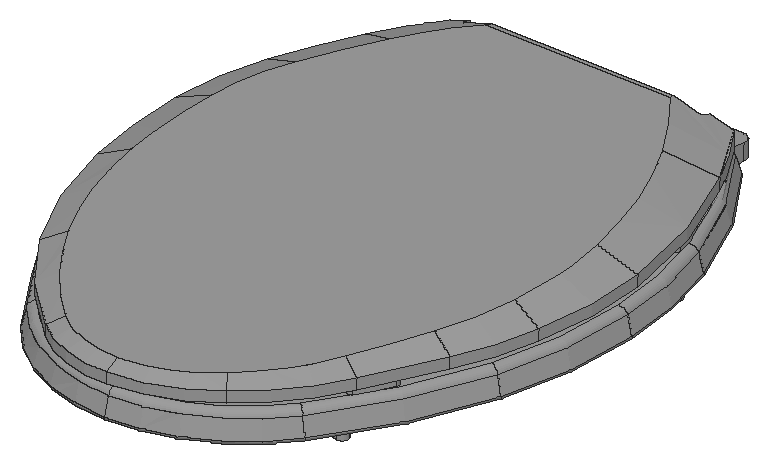
Revit family "Toilet_Seat-Elongated_Closed_Front-KOHLER-Cachet-K-4636", category Specialty Equipment, host Face, Revit 2015
Parameters (values of type "Not a Type - See Type Catalog")
  Width = 14 3/16"  # constant formula
  URL = "https://www.us.kohler.com/us/"
  Type = 0
  Product Page URL = "http://www.us.kohler.com/us/catalog/productDetails.jsp?productNumber=4636"
  Product Name = "Cachet"  # constant formula
  Product Documentation Link = "http://www.us.kohler.com/onlinecatalog/pdf/K-4636_spec.pdf"
  Model = if(Type = 1, "K-4636-0", if(Type = 2, "K-4636-96", if(Type = 3, "K-4636-47", if(Type = 4, "K-4636-NY", if(Type = 5, "K-4636-95", if(Type = 6, "K-4636-G9", if(Type = 7, "K-4636-33", if(Type = 8, "K-4636-K4", if(Type = 9, "K-4636-58", if(Type = 10, "K-4636-7", "NA"))))))))))  # "NA"
  Material = "Plastic"  # constant formula
  MasterFormat 2004 = "10.28.13"  # constant formula
  MasterFormat 1995 = "10820"  # constant formula
  Manufacturer Address = "444 Highland Dr, Kohler, WI 53044"  # constant formula
  Manufacturer = "KOHLER Co."  # constant formula
  Length = 18 1/16"  # constant formula
  Height = 1 1/8"  # constant formula
  Finish = Default
  Environmental Product Declaration = ""
  Description = "Elongated toilet seat"  # constant formula
  Default Elevation = 0"  # constant formula
  Declare Label = ""
  Date Modified = "12/17/2018"  # constant formula
  Date Created = "12/17/2018"  # constant formula
  Copyright = "Copyright KOHLER Co."  # constant formula
  Contact Us = "https://www.us.kohler.com/us/static/contact.jsp"
  Assembly Code = "C1030200"
  ADA Compliant = 1 = 0  # no
Reference planes (in)
  plane 1 "Center (Front/Back)": y = 0
  plane 2: z = 0
  plane 3 "Center (Left/Right)": x = 0
  plane 4: x = -7.09375
  plane 5: x = 7.09375
  plane 6: y = 8.75
  plane 7: y = -9.3125
  plane 8: z = 1.125
Dimensions and locks (in)
  "Width": plane 4 to plane 5
  "Length": plane 6 to plane 7
  "Height": plane 8 to plane 2
  aligned and locked: host face to plane 2
  aligned and locked: host face to level
Automatic sketch dimensions
  host sketch curve to host sketch curve = 96"  (x2)
Nested families (in)
  nested 1: "K-4636" at (0, 0, 0), type "K-4636"
Definition of nested family "K-4636"
  Parameters (values of type "K-4636")
    Material = none
  Reference planes (in)
    plane 1 "Center (Front/Back)": y = 0
    plane 2: z = 0
    plane 3 "Center (Left/Right)": x = 0
    plane 4: x = -7.09375
    plane 5: x = 7.09375
    plane 6: y = 9.3125
    plane 7: y = -9.3125
    plane 8: z = 2.20058
    plane 9: x = -4.1875
    plane 10: x = 4.1875
    plane 11: x = -2.75
    plane 12: x = 2.75
    plane 13: y = 6.125
    plane 14: y = -6.125
    plane 15: y = 8.75
    plane 16: z = 1.125
  Forms (in)
    Sweep 1, solid, material <- "Material", detail levels medium+fine
      path origin (0, 0, 0) x (1, 0, 0) y (0, 1, 0)
        loop
          arc (-4.31515, 8.75) -> (-5.61936, 6.76911) -> (-6.53736, 4.5823) r 12.85178
          arc (-6.53736, 4.5823) -> (-6.93297, 2.92961) -> (-7.09375, 1.23785) r 12.13143
          arc (-7.09375, 1.23785) -> (-6.96774, -0.8304) -> (-6.4916, -2.84703) r 12.13143
          arc (-6.4916, -2.84703) -> (-5.52441, -5.12135) -> (-4.1875, -7.19997) r 14.60143
          arc (-4.1875, -7.19997) -> (-2.33399, -8.73245) -> (0, -9.3125) r 5.42204
          arc (0, -9.3125) -> (2.33399, -8.73245) -> (4.1875, -7.19997) r 5.42204
          arc (4.1875, -7.19997) -> (5.52441, -5.12135) -> (6.4916, -2.84703) r 14.60143
          arc (6.4916, -2.84703) -> (6.96774, -0.8304) -> (7.09375, 1.23785) r 12.13143
          arc (7.09375, 1.23785) -> (6.93297, 2.92961) -> (6.53736, 4.5823) r 12.13143
          arc (6.53736, 4.5823) -> (5.61936, 6.76911) -> (4.31515, 8.75) r 12.85178
          line (4.31515, 8.75) -> (-4.31515, 8.75)
      profile origin (-7.09375, 1.23785, 0) x (-0.999696, 0.024654, 0) y (0, 0, 1)
        loop
          arc (-0.1408, 0.91223) -> (-0.23426, 1.05211) -> (-0.39355, 1.10618) r 0.26167
          line (-0.39355, 1.10618) -> (-1.24293, 1.10618)
          arc (-1.24293, 1.10618) -> (-2.07894, 0.94963) -> (-2.80166, 0.50121) r 2.31054
          arc (-2.80166, 0.50121) -> (-2.83087, 0.10608) -> (-2.43809, 0.05413) r 0.2886
          arc (-2.43809, 0.05413) -> (-2.0627, 0.24425) -> (-1.64704, 0.30974) r 1.35186
          line (-1.64704, 0.30974) -> (-0.06807, 0.30974)
          arc (-0.06807, 0.30974) -> (-0.01407, 0.33637) -> (-0.00232, 0.39542) r 0.06807
          line (-0.00232, 0.39542) -> (-0.1408, 0.91223)
    Extrusion 2, solid, material <- "Material", detail levels medium+fine
      sketch origin (0, 0, 0) x (0, 1, 0) y (0, 0, 1)
        loop
          line (8.80706, 0) -> (8.65671, 1.10199)
          arc (8.65671, 1.10199) -> (8.14033, 1.53028) -> (7.66962, 1.05225) r 0.49597
          line (7.66962, 1.05225) -> (7.63287, 0) -> (8.80706, 0)
      from -3.54459 to 3.53443
    Extrusion 3, solid, material <- "Material", detail levels medium+fine
      sketch origin (0, 0, 0) x (0, 1, 0) y (0, 0, 1)
        loop
          line (8.03371, 2.19941) -> (-9.43263, 1.74478) -> (-9.43263, 1.263) -> (6.93294, 1.263)
          arc (6.93294, 1.263) -> (7.1543, 1.20498) -> (7.31872, 1.04583) r 0.45123
          arc (7.31872, 1.04583) -> (7.41422, 0.88038) -> (7.50239, 0.71092) r 4.36867
          arc (7.50239, 0.71092) -> (7.74254, 0.46633) -> (8.08106, 0.41243) r 0.5476
          line (8.08106, 0.41243) -> (8.64477, 0.50366)
          arc (8.64477, 0.50366) -> (8.69354, 0.53316) -> (8.70817, 0.58826) r 0.07616
          line (8.70817, 0.58826) -> (8.56423, 1.74306)
          arc (8.56423, 1.74306) -> (8.387, 2.07357) -> (8.03371, 2.19941) r 0.52096
      from -8.13351 to 7.74797
    Extrusion 4, void
      sketch origin (0, 0, 0) x (1, 0, 0) y (0, 1, 0)
        loop
          arc (-3.35428, 8.2161) -> (-3.48885, 8.27184) -> (-3.54459, 8.40641) r 0.19031
          line (-3.54459, 8.40641) -> (-3.54459, 9.02808) -> (-3.77311, 9.02808)
          arc (-3.77311, 9.02808) -> (-4.59098, 7.99589) -> (-5.26344, 6.86359) r 9.8239
          arc (-5.26344, 6.86359) -> (-5.80401, 5.71848) -> (-6.28016, 4.54513) r 22.79542
          arc (-6.28016, 4.54513) -> (-6.65491, 3.21477) -> (-6.80428, 1.84073) r 8.32101
          arc (-6.80428, 1.84073) -> (-6.76116, 0.21247) -> (-6.55052, -1.40268) r 15.78803
          arc (-6.55052, -1.40268) -> (-5.98703, -3.44584) -> (-5.07523, -5.35913) r 12.08404
          arc (-5.07523, -5.35913) -> (-3.90705, -7.00023) -> (-2.47496, -8.41692) r 11.71374
          arc (-2.47496, -8.41692) -> (-1.31518, -9.06304) -> (0, -9.24442) r 3.59684
          arc (0, -9.24442) -> (1.44596, -8.94775) -> (2.73425, -8.22722) r 4.81794
          arc (2.73425, -8.22722) -> (3.83356, -7.16049) -> (4.68223, -5.88527) r 7.1971
          arc (4.68223, -5.88527) -> (5.21386, -4.84128) -> (5.7254, -3.78731) r 61.18733
          arc (5.7254, -3.78731) -> (6.1866, -2.64872) -> (6.51429, -1.46478) r 10.70259
          arc (6.51429, -1.46478) -> (6.74071, 0.23592) -> (6.69246, 1.95096) r 10.70259
          arc (6.69246, 1.95096) -> (6.21638, 4.36518) -> (5.33256, 6.66169) r 14.26801
          arc (5.33256, 6.66169) -> (4.66287, 7.88038) -> (3.87774, 9.02808) r 14.26801
          line (3.87774, 9.02808) -> (3.53443, 9.02808) -> (3.53443, 8.40641)
          arc (3.53443, 8.40641) -> (3.47869, 8.27184) -> (3.34412, 8.2161) r 0.19031
          line (3.34412, 8.2161) -> (-3.35428, 8.2161)
        loop
          line (-8.97568, 11.21128) -> (-8.97568, -11.53872) -> (9.27432, -11.53872) -> (9.27432, 11.21128) -> (-8.97568, 11.21128)
      from 0 to 2.60999
    Sweep 5, void
      path origin (0, 0, 0) x (1, 0, 0) y (0, 1, 0)
        loop
          arc (2.75, 10.34165) -> (4.18713, 8.60403) -> (5.33256, 6.66169) r 14.26801
          arc (5.33256, 6.66169) -> (6.21638, 4.36518) -> (6.69246, 1.95096) r 14.26801
          arc (6.69246, 1.95096) -> (6.74071, 0.23592) -> (6.51429, -1.46478) r 10.70259
          arc (6.51429, -1.46478) -> (6.1866, -2.64872) -> (5.7254, -3.78731) r 10.70259
          arc (5.7254, -3.78731) -> (5.21386, -4.84128) -> (4.68223, -5.88527) r 61.18733
          arc (4.68223, -5.88527) -> (3.83356, -7.16049) -> (2.73425, -8.22722) r 7.1971
          arc (2.73425, -8.22722) -> (1.44596, -8.94775) -> (0, -9.24442) r 4.81794
          arc (0, -9.24442) -> (-1.31518, -9.06304) -> (-2.47496, -8.41692) r 3.59684
          arc (-2.47496, -8.41692) -> (-3.90705, -7.00023) -> (-5.07523, -5.35913) r 11.71374
          arc (-5.07523, -5.35913) -> (-5.98703, -3.44584) -> (-6.55052, -1.40268) r 12.08404
          arc (-6.55052, -1.40268) -> (-6.76116, 0.21247) -> (-6.80428, 1.84073) r 15.78803
          arc (-6.80428, 1.84073) -> (-6.65491, 3.21477) -> (-6.28016, 4.54513) r 8.32101
          arc (-6.28016, 4.54513) -> (-5.80401, 5.71848) -> (-5.26344, 6.86359) r 22.79542
          arc (-5.26344, 6.86359) -> (-4.16915, 8.56365) -> (-2.75, 10.0037) r 9.8239
      profile origin (0, -9.24442, 0) x (0.048553, -0.998821, 0) y (0, 0, 1)
        loop
          line (-2.39132, 2.59281) -> (0.31624, 1.44352) -> (0.31624, 2.59281) -> (-2.39132, 2.59281)
    Extrusion 6, solid, material <- "Material", detail levels medium+fine
      sketch origin (0, 0, 0) x (1, 0, 0) y (0, 1, 0)
        loop
          line (-3.51779, 9.8237) -> (-3.51779, 8.4648) -> (-1.97821, 8.4648) -> (-1.97821, 9.78933)
          arc (-1.97821, 9.78933) -> (-2.12466, 10.14288) -> (-2.47821, 10.28933) r 0.5
          line (-2.47821, 10.28933) -> (-3.05216, 10.28933)
          arc (-3.05216, 10.28933) -> (-3.38141, 10.15295) -> (-3.51779, 9.8237) r 0.46563
      from 0 to 0.6793
    Extrusion 7, void
      sketch origin (0, 0, 0) x (0, 1, 0) y (0, 0, 1)
        loop
          arc (10.25757, 0.41979) -> (10.28029, 0.40736) -> (10.28933, 0.38309) r 0.03707
          line (10.28933, 0.38309) -> (10.28933, 0.33623)
          arc (10.28933, 0.33623) -> (10.2846, 0.3163) -> (10.27143, 0.30061) r 0.04439
          arc (10.27143, 0.30061) -> (10.23175, 0.26872) -> (10.19459, 0.23395) r 0.67767
          arc (10.19459, 0.23395) -> (10.16442, 0.18847) -> (10.15383, 0.13494) r 0.14063
          line (10.15383, 0.13494) -> (10.15383, -0.02881) -> (10.50313, -0.02881) -> (10.50313, 0.6793) -> (8.4648, 0.6793) -> (10.25757, 0.41979)
      from -3.54459 to -1.89698
    Extrusion 8, solid, material <- "Material", detail levels medium+fine
      sketch origin (0, 0, 0) x (-1, 0, 0) y (0, -1, 0)
        loop
          arc (-3.51779, -9.8237) -> (-3.38141, -10.15295) -> (-3.05216, -10.28933) r 0.46563
          line (-3.05216, -10.28933) -> (-2.47821, -10.28933)
          arc (-2.47821, -10.28933) -> (-2.12466, -10.14288) -> (-1.97821, -9.78933) r 0.5
          line (-1.97821, -9.78933) -> (-1.97821, -8.4648) -> (-3.51779, -8.4648) -> (-3.51779, -9.8237)
      from 0 to 0.6793
    Extrusion 9, void
      sketch origin (0, 0, 0) x (0, 1, 0) y (0, 0, -1)
        loop
          line (10.25757, -0.41979) -> (8.4648, -0.6793) -> (10.50313, -0.6793) -> (10.50313, 0.02881) -> (10.15383, 0.02881) -> (10.15383, -0.13494)
          arc (10.15383, -0.13494) -> (10.16442, -0.18847) -> (10.19459, -0.23395) r 0.14063
          arc (10.19459, -0.23395) -> (10.23175, -0.26872) -> (10.27143, -0.30061) r 0.67767
          arc (10.27143, -0.30061) -> (10.2846, -0.3163) -> (10.28933, -0.33623) r 0.04439
          line (10.28933, -0.33623) -> (10.28933, -0.38309)
          arc (10.28933, -0.38309) -> (10.28029, -0.40736) -> (10.25757, -0.41979) r 0.03707
      from -3.54459 to -1.89698
    Extrusion 10, solid, material <- "Material", detail levels medium+fine
      sketch origin (0, 0, 0) x (1, 0, 0) y (0, 1, 0)
        loop
          arc (-6.33496, 3.99759) -> (-6.472, 3.87775) -> (-6.41369, 3.70529) r 0.16382
          arc (-6.41369, 3.70529) -> (-5.73493, 3.37256) -> (-4.98019, 3.33023) r 1.90365
          arc (-4.98019, 3.33023) -> (-4.85269, 3.44362) -> (-4.90675, 3.60547) r 0.15495
          arc (-4.90675, 3.60547) -> (-5.58138, 3.94532) -> (-6.33496, 3.99759) r 1.91344
        loop
          arc (6.33496, 3.99759) -> (5.58138, 3.94532) -> (4.90675, 3.60547) r 1.91344
          arc (4.90675, 3.60547) -> (4.85269, 3.44362) -> (4.98019, 3.33023) r 0.15495
          arc (4.98019, 3.33023) -> (5.73493, 3.37256) -> (6.41369, 3.70529) r 1.90365
          arc (6.41369, 3.70529) -> (6.472, 3.87775) -> (6.33496, 3.99759) r 0.16382
      from 0 to 0.52283
    Extrusion 11, solid, material <- "Material", detail levels medium+fine
      sketch origin (0, 0, 0) x (1, 0, 0) y (0, 1, 0)
        loop
          arc (-4.53506, -5.97352) -> (-4.52867, -6.15226) -> (-4.36405, -6.22216) r 0.16656
          arc (-4.36405, -6.22216) -> (-3.6735, -5.94024) -> (-3.17145, -5.38862) r 1.69077
          arc (-3.17145, -5.38862) -> (-3.1808, -5.20823) -> (-3.3483, -5.14062) r 0.16796
          arc (-3.3483, -5.14062) -> (-4.03215, -5.42817) -> (-4.53506, -5.97352) r 1.74731
        loop
          arc (4.53506, -5.97352) -> (4.03215, -5.42817) -> (3.3483, -5.14062) r 1.74731
          arc (3.3483, -5.14062) -> (3.1808, -5.20823) -> (3.17145, -5.38862) r 0.16796
          arc (3.17145, -5.38862) -> (3.6735, -5.94024) -> (4.36405, -6.22216) r 1.69077
          arc (4.36405, -6.22216) -> (4.52867, -6.15226) -> (4.53506, -5.97352) r 0.16656
      from 0 to 0.6119
    Extrusion 12, solid, material <- "Material", detail levels medium+fine
      sketch origin (0, 0, 0) x (1, 0, 0) y (0, 1, 0)
        loop
          arc (-5.88428, 5.14371) -> (-6.10432, 4.64311) -> (-6.2283, 4.11053) r 2.95311
          arc (-6.2283, 4.11053) -> (-6.14477, 3.97433) -> (-5.99478, 4.02934) r 0.12609
          arc (-5.99478, 4.02934) -> (-5.76586, 4.52979) -> (-5.64545, 5.06679) r 2.6451
          arc (-5.64545, 5.06679) -> (-5.73326, 5.20336) -> (-5.88428, 5.14371) r 0.12788
        loop
          arc (5.88428, 5.14371) -> (5.73326, 5.20336) -> (5.64545, 5.06679) r 0.12788
          arc (5.64545, 5.06679) -> (5.76586, 4.52979) -> (5.99478, 4.02934) r 2.6451
          arc (5.99478, 4.02934) -> (6.14477, 3.97433) -> (6.2283, 4.11053) r 0.12609
          arc (6.2283, 4.11053) -> (6.10432, 4.64311) -> (5.88428, 5.14371) r 2.95311
      from 0.92273 to 1.44201
    Extrusion 13, solid, material <- "Material", detail levels medium+fine
      sketch origin (0, 0, 0) x (1, 0, 0) y (0, 1, 0)
        loop
          arc (-5.10522, -4.93325) -> (-4.87468, -5.43518) -> (-4.55491, -5.88554) r 2.96045
          arc (-4.55491, -5.88554) -> (-4.39431, -5.91282) -> (-4.33758, -5.76012) r 0.1277
          arc (-4.33758, -5.76012) -> (-4.56773, -5.25791) -> (-4.88742, -4.80739) r 2.9519
          arc (-4.88742, -4.80739) -> (-5.04847, -4.78008) -> (-5.10522, -4.93325) r 0.128
        loop
          arc (5.10522, -4.93325) -> (5.04847, -4.78008) -> (4.88742, -4.80739) r 0.128
          arc (4.88742, -4.80739) -> (4.56773, -5.25791) -> (4.33758, -5.76012) r 2.9519
          arc (4.33758, -5.76012) -> (4.39431, -5.91282) -> (4.55491, -5.88554) r 0.1277
          arc (4.55491, -5.88554) -> (4.87468, -5.43518) -> (5.10522, -4.93325) r 2.96045
      from 0.92273 to 1.43546
    Extrusion 14, solid, material <- "Material", detail levels coarse
      sketch origin (0, 0, 0) x (1, 0, 0) y (0, 1, 0)
        loop
          arc (-4.31155, 8.75) -> (-6.2874, 5.30973) -> (-7.09375, 1.42524) r 12.58113
          arc (-7.09375, 1.42524) -> (-6.52715, -2.89715) -> (-4.49974, -6.75639) r 12.40089
          arc (-4.49974, -6.75639) -> (-2.50482, -8.48325) -> (0, -9.3125) r 6.74373
          arc (0, -9.3125) -> (2.50482, -8.48325) -> (4.49974, -6.75639) r 6.74373
          arc (4.49974, -6.75639) -> (6.52715, -2.89715) -> (7.09375, 1.42524) r 12.40089
          arc (7.09375, 1.42524) -> (6.2874, 5.30973) -> (4.31155, 8.75) r 12.58113
          line (4.31155, 8.75) -> (-4.31155, 8.75)
      from 0 to 2.23997
    Extrusion 15, solid, material <- "Material", detail levels coarse
      sketch origin (0, 0, 0) x (1, 0, 0) y (0, 1, 0)
        loop
          line (-3.51779, 8.75) -> (-1.97821, 8.75) -> (-1.97821, 10.28933) -> (-3.51779, 10.28933) -> (-3.51779, 8.75)
      from 0 to 0.63977
    Extrusion 16, solid, material <- "Material", detail levels coarse
      sketch origin (0, 0, 0) x (-1, 0, 0) y (0, -1, 0)
        loop
          line (-3.51779, -8.75) -> (-3.51779, -10.28933) -> (-1.97821, -10.28933) -> (-1.97821, -8.75) -> (-3.51779, -8.75)
      from 0 to 0.63977
  Cuts and joins
    Extrusion 7, Extrusion 9 cuts Extrusion 6
    Extrusion 9 cuts Extrusion 8
    joined: Extrusion 2, Extrusion 6, Extrusion 8
    Extrusion 9 cuts Sweep 1
    Extrusion 4, Sweep 5, Extrusion 9 cuts Extrusion 3
    joined: Sweep 1, Extrusion 3, Extrusion 10, Extrusion 11, Extrusion 12, Extrusion 13
    joined: Extrusion 14, Extrusion 15, Extrusion 16
  Lines and regions (in)
    Masking region 1
      outline origin (0, 0, 0) x (0, 1, 0) y (0, 0, 1)
        loop
          arc (10.15383, 0.13494) -> (10.16442, 0.18847) -> (10.19459, 0.23395) r 0.14063
          arc (10.19459, 0.23395) -> (10.23175, 0.26872) -> (10.27143, 0.30061) r 0.67767
          arc (10.27143, 0.30061) -> (10.2846, 0.3163) -> (10.28933, 0.33623) r 0.04439
          line (10.28933, 0.33623) -> (10.28933, 0.38309)
          arc (10.28933, 0.38309) -> (10.28029, 0.40736) -> (10.25757, 0.41979) r 0.03707
          line (10.25757, 0.41979) -> (8.71958, 0.64242) -> (8.55939, 1.75069)
          arc (8.55939, 1.75069) -> (8.37825, 2.07692) -> (8.02614, 2.2004) r 0.52499
          line (8.02614, 2.2004) -> (-8.81351, 1.76209) -> (-9.24442, 1.57776) -> (-9.24442, 1.263) -> (-5.92992, 1.263) -> (-5.92992, 1.12474) -> (-8.91888, 1.12473)
          arc (-8.91888, 1.12473) -> (-9.07819, 1.07066) -> (-9.17167, 0.93079) r 0.26172
          line (-9.17167, 0.93079) -> (-9.31018, 0.39542)
          arc (-9.31018, 0.39542) -> (-9.29843, 0.33637) -> (-9.24442, 0.30974) r 0.06807
          line (-9.24442, 0.30974) -> (-7.665, 0.30974)
          spline (-7.665, 0.30974) -> (-7.59457, 0.3079) -> (-7.52432, 0.30241) -> (-7.45446, 0.29326) -> (-7.38517, 0.28049) -> (-7.31663, 0.26413) -> (-7.24905, 0.24422) -> (-7.18258, 0.22082) -> (-7.11743, 0.194) -> (-7.05376, 0.16382) -> (-6.99175, 0.13037) -> (-6.93156, 0.09373) -> (-6.87332, 0.05407)
          arc (-6.87332, 0.05407) -> (-6.80108, 0.01617) -> (-6.72111, 0) r 0.28868
          line (-6.72111, 0) -> (6.14961, 0)
          arc (6.14961, 0) -> (6.23489, 0.01467) -> (6.31191, 0.05413) r 0.28657
          arc (6.31191, 0.05413) -> (6.6873, 0.24425) -> (7.10296, 0.30974) r 1.35186
          line (7.10296, 0.30974) -> (7.64369, 0.30974) -> (7.63287, 0) -> (10.15383, 0) -> (10.15383, 0.13494)
    Masking region 2
      outline origin (0, 0, 0) x (1, 0, 0) y (0, 0, 1)
        loop
          line (0, 2.20058) -> (-2.65306, 2.20058)
          spline (-2.65306, 2.20058) -> (-2.78777, 2.197) -> (-2.91941, 2.19335) -> (-3.04793, 2.18962) -> (-3.17327, 2.18582) -> (-3.29535, 2.18195) -> (-3.41413, 2.17801) -> (-3.52955, 2.174) -> (-3.64154, 2.16993) -> (-3.75006, 2.16579) -> (-3.85504, 2.16159) -> (-3.95645, 2.15734) -> (-4.05424, 2.15302)
          spline (-4.05424, 2.15302) -> (-4.15291, 2.14851) -> (-4.25001, 2.14398) -> (-4.34554, 2.13942) -> (-4.43948, 2.13484) -> (-4.53184, 2.13024) -> (-4.6226, 2.12562) -> (-4.71176, 2.12097) -> (-4.79931, 2.11631) -> (-4.88523, 2.11163) -> (-4.96954, 2.10692) -> (-5.05221, 2.1022) -> (-5.13324, 2.09745)
          spline (-5.13324, 2.09745) -> (-5.21077, 2.09268) -> (-5.28327, 2.08786) -> (-5.35069, 2.08299) -> (-5.41297, 2.07807) -> (-5.47006, 2.07311) -> (-5.52193, 2.06811) -> (-5.56854, 2.06307) -> (-5.60984, 2.05801) -> (-5.64582, 2.05291) -> (-5.67644, 2.04779) -> (-5.70168, 2.04266) -> (-5.72152, 2.0375)
          line (-5.72152, 2.0375) -> (-6.80926, 1.57776) -> (-6.80926, 1.263) -> (-6.22946, 1.263) -> (-6.22946, 1.125) -> (-6.69247, 1.125)
          arc (-6.69247, 1.125) -> (-6.85481, 1.06989) -> (-6.95006, 0.92734) r 0.26668
          line (-6.95006, 0.92734) -> (-7.09136, 0.40001)
          arc (-7.09136, 0.40001) -> (-7.07899, 0.33779) -> (-7.02209, 0.30974) r 0.07171
          line (-7.02209, 0.30974) -> (-6.47763, 0.30974) -> (-6.47763, 0) -> (-4.8479, 0) -> (-4.8479, 0.16614)
          arc (-4.8479, 0.16614) -> (-4.74859, 0.11386) -> (-4.65541, 0.05133) r 1.05467
          arc (-4.65541, 0.05133) -> (-4.58268, 0.01317) -> (-4.50162, 0) r 0.25604
          line (-4.50162, 0) -> (-3.14959, 0) -> (-3.14959, 0.30974) -> (0, 0.30974) -> (3.14959, 0.30974) -> (3.14959, 0) -> (4.50162, 0)
          arc (4.50162, 0) -> (4.58268, 0.01317) -> (4.65541, 0.05133) r 0.25604
          arc (4.65541, 0.05133) -> (4.74859, 0.11386) -> (4.8479, 0.16614) r 1.05467
          line (4.8479, 0.16614) -> (4.8479, 0) -> (6.47763, 0) -> (6.47763, 0.30974) -> (7.02209, 0.30974)
          arc (7.02209, 0.30974) -> (7.07899, 0.33779) -> (7.09136, 0.40001) r 0.07171
          line (7.09136, 0.40001) -> (6.95006, 0.92734)
          arc (6.95006, 0.92734) -> (6.85481, 1.06989) -> (6.69247, 1.125) r 0.26668
          line (6.69247, 1.125) -> (6.22946, 1.125) -> (6.22946, 1.263) -> (6.80926, 1.263) -> (6.80926, 1.57776) -> (5.72152, 2.0375)
          spline (5.72152, 2.0375) -> (5.70168, 2.04266) -> (5.67644, 2.04779) -> (5.64582, 2.05291) -> (5.60984, 2.05801) -> (5.56854, 2.06307) -> (5.52193, 2.06811) -> (5.47006, 2.07311) -> (5.41297, 2.07807) -> (5.35069, 2.08299) -> (5.28327, 2.08786) -> (5.21077, 2.09268) -> (5.13324, 2.09745)
          spline (5.13324, 2.09745) -> (5.05221, 2.1022) -> (4.96954, 2.10692) -> (4.88523, 2.11163) -> (4.79931, 2.11631) -> (4.71176, 2.12097) -> (4.6226, 2.12562) -> (4.53184, 2.13024) -> (4.43948, 2.13484) -> (4.34554, 2.13942) -> (4.25001, 2.14398) -> (4.15291, 2.14851) -> (4.05424, 2.15302)
          spline (4.05424, 2.15302) -> (3.95645, 2.15734) -> (3.85504, 2.16159) -> (3.75006, 2.16579) -> (3.64154, 2.16993) -> (3.52955, 2.174) -> (3.41413, 2.17801) -> (3.29535, 2.18195) -> (3.17327, 2.18582) -> (3.04793, 2.18962) -> (2.91941, 2.19335) -> (2.78777, 2.197) -> (2.65306, 2.20058)
          line (2.65306, 2.20058) -> (0, 2.20058)
    Masking region 3
      outline origin (0, 0, 0) x (1, 0, 0) y (0, 1, 0)
        loop
          arc (-4.31155, 8.75) -> (-4.76138, 8.1699) -> (-5.16521, 7.55688) r 9.52502
          arc (-5.16521, 7.55688) -> (-5.85435, 6.28913) -> (-6.42399, 4.96338) r 15.67428
          arc (-6.42399, 4.96338) -> (-6.92768, 3.13704) -> (-7.09375, 1.24981) r 10.46183
          arc (-7.09375, 1.24981) -> (-7.028, -0.1391) -> (-6.83931, -1.51671) r 15.66141
          arc (-6.83931, -1.51671) -> (-6.38185, -3.21866) -> (-5.65247, -4.823) r 10.75066
          arc (-5.65247, -4.823) -> (-5.09007, -5.79802) -> (-4.49974, -6.75639) r 38.96586
          arc (-4.49974, -6.75639) -> (-3.74754, -7.70257) -> (-2.8144, -8.4709) r 5.75869
          arc (-2.8144, -8.4709) -> (-1.46932, -9.09943) -> (0, -9.3125) r 5.0832
          arc (0, -9.3125) -> (1.46932, -9.09943) -> (2.8144, -8.4709) r 5.0832
          arc (2.8144, -8.4709) -> (3.74754, -7.70257) -> (4.49974, -6.75639) r 5.75869
          arc (4.49974, -6.75639) -> (5.09007, -5.79802) -> (5.65247, -4.823) r 38.96586
          arc (5.65247, -4.823) -> (6.38185, -3.21866) -> (6.83931, -1.51671) r 10.75066
          arc (6.83931, -1.51671) -> (7.028, -0.1391) -> (7.09375, 1.24981) r 15.66141
          arc (7.09375, 1.24981) -> (6.92768, 3.13704) -> (6.42399, 4.96338) r 10.46183
          arc (6.42399, 4.96338) -> (5.85435, 6.28913) -> (5.16521, 7.55688) r 15.67428
          arc (5.16521, 7.55688) -> (4.76138, 8.1699) -> (4.31155, 8.75) r 9.52502
          line (4.31155, 8.75) -> (3.51779, 8.75) -> (3.51779, 9.8237)
          arc (3.51779, 9.8237) -> (3.38141, 10.15295) -> (3.05216, 10.28933) r 0.46563
          line (3.05216, 10.28933) -> (2.47821, 10.28933)
          arc (2.47821, 10.28933) -> (2.12466, 10.14288) -> (1.97821, 9.78933) r 0.5
          line (1.97821, 9.78933) -> (1.97821, 8.75) -> (-1.97821, 8.75) -> (-1.97821, 9.78933)
          arc (-1.97821, 9.78933) -> (-2.12466, 10.14288) -> (-2.47821, 10.28933) r 0.5
          line (-2.47821, 10.28933) -> (-3.05216, 10.28933)
          arc (-3.05216, 10.28933) -> (-3.38141, 10.15295) -> (-3.51779, 9.8237) r 0.46563
          line (-3.51779, 9.8237) -> (-3.51779, 8.75) -> (-4.31155, 8.75)
    symbolic lines, detail levels medium+fine
      curve 1: line (0, -5.92992, 1.263) -> (0, 6.9352, 1.263)
      curve 2: line (0, -5.92992, 1.125) -> (0, 7.25786, 1.125)
      curve 3: arc (0, 6.9352, 1.263) -> (0, 7.12225, 1.2219) -> (0, 7.27484, 1.10618) r 0.4462
      curve 4: line (0, 8.71958, 0.64242) -> (0, 8.81789, -0.0571)
      curve 5: line (0, 4.0136, 0) -> (0, 4.0136, 0.30974)
      curve 6: line (0, 3.31057, 0) -> (0, 3.31057, 0.30974)
      curve 7: line (0, -5.13779, 0) -> (0, -5.13779, 0.30974)
      curve 8: line (0, -6.22443, 0) -> (0, -6.22443, 0.30974)
      curve 9: line (0, -7.66499, 0.30974) -> (0, 7.10296, 0.30974)
      curve 10: line (0, 5.20754, 1.125) -> (0, 5.20754, 1.263)
      curve 11: line (0, 3.9632, 1.125) -> (0, 3.9632, 1.263)
      curve 12: line (0, -4.75913, 1.125) -> (0, -4.75913, 1.263)
      curve 13: line (0, 7.64369, 0.30974) -> (0, 7.27484, 1.10618)
      curve 14: line (0, 7.27484, 1.10618) -> (0, 6.78307, 2.16805)
      curve 15: circle (0, 7.86361, 1.57776) r 0.40592 normal (1, 0, 0)
      curve 16: circle (0, 7.86361, 1.57776) r 0.34465 normal (1, 0, 0)
      curve 17: line (-6.47763, 0, 0.30974) -> (-3.14959, 0, 0.30974)
      curve 18: line (-6.80926, 0, 1.57776) -> (0, 0, 1.57776)
      curve 19: line (-6.22946, 0, 1.125) -> (0, 0, 1.125)
      curve 20: line (-6.2283, 0, 1.263) -> (0, 0, 1.263)
      curve 21: line (-5.64545, 0, 1.263) -> (-5.64545, 0, 1.125)
      curve 22: line (-5.11188, 0, 1.263) -> (-5.11188, 0, 1.125)
      curve 23: line (-4.33058, 0, 1.263) -> (-4.33058, 0, 1.125)
      curve 24: line (-4.8479, 0, 0.16614) -> (-4.8479, 0, 0.30974)
      curve 25: line (-4.50162, 0, 0) -> (-4.50162, 0, 0.30974)
      curve 26: line (6.47763, 0, 0.30974) -> (3.14959, 0, 0.30974)
      curve 27: line (6.80926, 0, 1.57776) -> (0, 0, 1.57776)
      curve 28: line (6.22946, 0, 1.125) -> (0, 0, 1.125)
      curve 29: line (6.2283, 0, 1.263) -> (0, 0, 1.263)
      curve 30: line (5.64545, 0, 1.263) -> (5.64545, 0, 1.125)
      curve 31: line (5.11188, 0, 1.263) -> (5.11188, 0, 1.125)
      curve 32: line (4.33058, 0, 1.263) -> (4.33058, 0, 1.125)
      curve 33: line (4.8479, 0, 0.16614) -> (4.8479, 0, 0.30974)
      curve 34: line (4.50162, 0, 0) -> (4.50162, 0, 0.30974)
      curve 35: line (-3.51779, 8.75, 0) -> (-1.97821, 8.75, 0)
      curve 36: line (1.97821, 8.75, 0) -> (3.51779, 8.75, 0)
      curve 37: spline (-2.51227, 8.2161, 0) -> (-2.66163, 8.07015, 0) -> (-2.80747, 7.92067, 0) -> (-2.94969, 7.76775, 0) -> (-3.08821, 7.61148, 0) -> (-3.22295, 7.45194, 0) -> (-3.35384, 7.28923, 0) -> (-3.48081, 7.12344, 0) -> (-3.60377, 6.95466, 0) -> (-3.72266, 6.78299, 0) -> (-3.83741, 6.60853, 0) -> (-3.94796, 6.43137, 0) -> (-4.05424, 6.25163, 0)
      curve 38: spline (-4.05424, 6.25163, 0) -> (-4.15291, 6.0783, 0) -> (-4.25001, 5.9041, 0) -> (-4.34554, 5.72903, 0) -> (-4.43948, 5.55311, 0) -> (-4.53184, 5.37634, 0) -> (-4.6226, 5.19876, 0) -> (-4.71176, 5.02036, 0) -> (-4.7993, 4.84117, 0) -> (-4.88523, 4.66119, 0) -> (-4.96953, 4.48045, 0) -> (-5.0522, 4.29896, 0) -> (-5.13323, 4.11673, 0)
      curve 39: spline (-5.13323, 4.11673, 0) -> (-5.21075, 3.9335, 0) -> (-5.28325, 3.74822, 0) -> (-5.35065, 3.56104, 0) -> (-5.41293, 3.37208, 0) -> (-5.47002, 3.1815, 0) -> (-5.52188, 2.98943, 0) -> (-5.56849, 2.79602, 0) -> (-5.60979, 2.60141, 0) -> (-5.64577, 2.40574, 0) -> (-5.67639, 2.20917, 0) -> (-5.70164, 2.01183, 0) -> (-5.72149, 1.81388, 0)
      curve 40: spline (-5.72149, 1.81388, 0) -> (-5.74129, 1.55944, 0) -> (-5.75671, 1.3047, 0) -> (-5.76773, 1.04973, 0) -> (-5.77436, 0.7946, 0) -> (-5.77659, 0.53941, 0) -> (-5.77443, 0.28421, 0) -> (-5.76787, 0.02908, 0) -> (-5.75691, -0.22589, 0) -> (-5.74156, -0.48064, 0) -> (-5.72183, -0.73508, 0) -> (-5.69771, -0.98915, 0) -> (-5.66922, -1.24276, 0)
      curve 41: spline (-5.66922, -1.24276, 0) -> (-5.6244, -1.57169, 0) -> (-5.56979, -1.89914, 0) -> (-5.50543, -2.22481, 0) -> (-5.43137, -2.54841, 0) -> (-5.34769, -2.86966, 0) -> (-5.25446, -3.18828, 0) -> (-5.15176, -3.50397, 0) -> (-5.03968, -3.81645, 0) -> (-4.91832, -4.12546, 0) -> (-4.7878, -4.4307, 0) -> (-4.64822, -4.73192, 0) -> (-4.49971, -5.02884, 0)
      curve 42: spline (-4.49971, -5.02884, 0) -> (-4.34827, -5.31034, 0) -> (-4.18851, -5.58721, 0) -> (-4.02059, -5.85921, 0) -> (-3.84465, -6.12609, 0) -> (-3.66084, -6.38763, 0) -> (-3.46933, -6.64358, 0) -> (-3.27029, -6.89372, 0) -> (-3.06389, -7.13783, 0) -> (-2.85032, -7.3757, 0) -> (-2.62977, -7.60711, 0) -> (-2.40243, -7.83186, 0) -> (-2.1685, -8.04975, 0)
      curve 43: spline (-2.1685, -8.04975, 0) -> (-2.01951, -8.17581, 0) -> (-1.86257, -8.29182, 0) -> (-1.69835, -8.39728, 0) -> (-1.52757, -8.49175, 0) -> (-1.35095, -8.57481, 0) -> (-1.16926, -8.64611, 0) -> (-0.98328, -8.70534, 0) -> (-0.79382, -8.75224, 0) -> (-0.60168, -8.78661, 0) -> (-0.4077, -8.80831, 0) -> (-0.21272, -8.81723, 0) -> (-0.01757, -8.81335, 0)
      curve 44: spline (-0.01757, -8.81335, 0) -> (0.20516, -8.79553, 0) -> (0.42661, -8.76567, 0) -> (0.64611, -8.72385, 0) -> (0.86302, -8.6702, 0) -> (1.0767, -8.60487, 0) -> (1.28652, -8.52806, 0) -> (1.49188, -8.44, 0) -> (1.69215, -8.34093, 0) -> (1.88676, -8.23116, 0) -> (2.07512, -8.111, 0) -> (2.2567, -7.98081, 0) -> (2.43095, -7.84098, 0)
      curve 45: spline (2.43095, -7.84098, 0) -> (2.60832, -7.68484, 0) -> (2.77981, -7.52226, 0) -> (2.94519, -7.35347, 0) -> (3.10422, -7.1787, 0) -> (3.2567, -6.99819, 0) -> (3.40241, -6.81218, 0) -> (3.54117, -6.62092, 0) -> (3.67277, -6.42467, 0) -> (3.79704, -6.22371, 0) -> (3.91382, -6.0183, 0) -> (4.02293, -5.80873, 0) -> (4.12424, -5.59528, 0)
      curve 46: spline (4.12424, -5.59528, 0) -> (4.20364, -5.41892, 0) -> (4.28247, -5.24231, 0) -> (4.36071, -5.06544, 0) -> (4.43838, -4.88832, 0) -> (4.51547, -4.71094, 0) -> (4.59197, -4.53331, 0) -> (4.6679, -4.35544, 0) -> (4.74324, -4.17731, 0) -> (4.818, -3.99894, 0) -> (4.89217, -3.82033, 0) -> (4.96576, -3.64148, 0) -> (5.03877, -3.46238, 0)
      curve 47: spline (5.03877, -3.46238, 0) -> (5.10124, -3.30446, 0) -> (5.16095, -3.14547, 0) -> (5.21788, -2.98547, 0) -> (5.27201, -2.82449, 0) -> (5.32332, -2.6626, 0) -> (5.37179, -2.49984, 0) -> (5.41742, -2.33625, 0) -> (5.46019, -2.1719, 0) -> (5.50008, -2.00683, 0) -> (5.53709, -1.84108, 0) -> (5.5712, -1.67471, 0) -> (5.6024, -1.50778, 0)
      curve 48: spline (5.6024, -1.50778, 0) -> (5.64743, -1.23169, 0) -> (5.68451, -0.95443, 0) -> (5.71361, -0.67622, 0) -> (5.73471, -0.39729, 0) -> (5.74778, -0.11786, 0) -> (5.75283, 0.16182, 0) -> (5.74983, 0.44154, 0) -> (5.73881, 0.72105, 0) -> (5.71975, 1.00013, 0) -> (5.69269, 1.27855, 0) -> (5.65764, 1.55608, 0) -> (5.61464, 1.83248, 0)
      curve 49: spline (5.61464, 1.83248, 0) -> (5.55106, 2.17813, 0) -> (5.4784, 2.52199, 0) -> (5.3967, 2.86382, 0) -> (5.30603, 3.20337, 0) -> (5.20643, 3.54042, 0) -> (5.098, 3.87473, 0) -> (4.98078, 4.20607, 0) -> (4.85488, 4.53421, 0) -> (4.72038, 4.85892, 0) -> (4.57737, 5.17997, 0) -> (4.42594, 5.49715, 0) -> (4.26621, 5.81023, 0)
      curve 50: spline (4.26621, 5.81023, 0) -> (4.15126, 6.02366, 0) -> (4.03244, 6.23497, 0) -> (3.9098, 6.44408, 0) -> (3.78337, 6.65093, 0) -> (3.6532, 6.85544, 0) -> (3.51932, 7.05755, 0) -> (3.38179, 7.25719, 0) -> (3.24065, 7.4543, 0) -> (3.09595, 7.64881, 0) -> (2.94773, 7.84065, 0) -> (2.79604, 8.02977, 0) -> (2.64093, 8.2161, 0)
      curve 51: line (-3.35428, 8.2161, 0) -> (3.34412, 8.2161, 0)
      curve 52: arc (-3.54459, 8.40641, 0) -> (-3.48885, 8.27184, 0) -> (-3.35428, 8.2161, 0) r 0.19031
      curve 53: line (-3.54459, 8.70876, 0) -> (-3.54459, 8.40641, 0)
      curve 54: arc (3.34412, 8.2161, 0) -> (3.47869, 8.27184, 0) -> (3.53443, 8.40641, 0) r 0.19031
      curve 55: line (3.53443, 8.40641, 0) -> (3.53443, 8.70876, 0)
      curve 56: arc (-5.26344, 6.86359, 0) -> (-4.70909, 7.82035, 0) -> (-4.05072, 8.70874, 0) r 9.8239
      curve 57: arc (-6.28016, 4.54513, 0) -> (-5.80401, 5.71848, 0) -> (-5.26344, 6.86359, 0) r 22.79542
      curve 58: arc (-6.80428, 1.84073, 0) -> (-6.65491, 3.21477, 0) -> (-6.28016, 4.54513, 0) r 8.32101
      curve 59: arc (-6.55052, -1.40268, 0) -> (-6.76116, 0.21247, 0) -> (-6.80428, 1.84073, 0) r 15.78803
      curve 60: arc (-5.07523, -5.35913, 0) -> (-5.98703, -3.44584, 0) -> (-6.55052, -1.40268, 0) r 12.08404
      curve 61: arc (-2.47496, -8.41692, 0) -> (-3.90705, -7.00023, 0) -> (-5.07523, -5.35913, 0) r 11.71374
      curve 62: arc (0, -9.24442, 0) -> (-1.31518, -9.06304, 0) -> (-2.47496, -8.41692, 0) r 3.59684
      curve 63: arc (5.26344, 6.86359, 0) -> (4.70909, 7.82035, 0) -> (4.05072, 8.70874, 0) r 9.8239
      curve 64: arc (6.28016, 4.54513, 0) -> (5.80401, 5.71848, 0) -> (5.26344, 6.86359, 0) r 22.79542
      curve 65: arc (6.80428, 1.84073, 0) -> (6.65491, 3.21477, 0) -> (6.28016, 4.54513, 0) r 8.32101
      curve 66: arc (6.55052, -1.40268, 0) -> (6.76116, 0.21247, 0) -> (6.80428, 1.84073, 0) r 15.78803
      curve 67: arc (5.07523, -5.35913, 0) -> (5.98703, -3.44584, 0) -> (6.55052, -1.40268, 0) r 12.08404
      curve 68: arc (2.47496, -8.41692, 0) -> (3.90705, -7.00023, 0) -> (5.07523, -5.35913, 0) r 11.71374
      curve 69: arc (0, -9.24442, 0) -> (1.31518, -9.06304, 0) -> (2.47496, -8.41692, 0) r 3.59684
      curve 70: spline (-5.72153, 0, 2.03751) -> (-5.74132, 0, 2.03088) -> (-5.75673, 0, 2.02425) -> (-5.76775, 0, 2.01762) -> (-5.77437, 0, 2.01098) -> (-5.7766, 0, 2.00434) -> (-5.77443, 0, 1.99769) -> (-5.76786, 0, 1.99105) -> (-5.7569, 0, 1.98442) -> (-5.74155, 0, 1.97779) -> (-5.72181, 0, 1.97117) -> (-5.69769, 0, 1.96455) -> (-5.6692, 0, 1.95795)
      curve 71: spline (-5.6692, 0, 1.95795) -> (-5.62437, 0, 1.94939) -> (-5.56974, 0, 1.94086) -> (-5.50536, 0, 1.93239) -> (-5.43128, 0, 1.92396) -> (-5.34757, 0, 1.9156) -> (-5.2543, 0, 1.9073) -> (-5.15157, 0, 1.89908) -> (-5.03945, 0, 1.89095) -> (-4.91805, 0, 1.88291) -> (-4.78748, 0, 1.87496) -> (-4.64786, 0, 1.86712) -> (-4.4993, 0, 1.85939)
      curve 72: spline (-4.4993, 0, 1.85939) -> (-4.34787, 0, 1.85206) -> (-4.18813, 0, 1.84486) -> (-4.02022, 0, 1.83778) -> (-3.8443, 0, 1.83084) -> (-3.66052, 0, 1.82403) -> (-3.46904, 0, 1.81737) -> (-3.27003, 0, 1.81086) -> (-3.06367, 0, 1.80451) -> (-2.85014, 0, 1.79832) -> (-2.62963, 0, 1.7923) -> (-2.40234, 0, 1.78645) -> (-2.16846, 0, 1.78078)
      curve 73: spline (-2.16846, 0, 1.78078) -> (-1.83977, 0, 1.77407) -> (-1.47822, 0, 1.76863) -> (-1.09094, 0, 1.76456) -> (-0.68556, 0, 1.76195) -> (-0.2701, 0, 1.76083) -> (0.14725, 0, 1.76125) -> (0.55826, 0, 1.76318) -> (0.95482, 0, 1.76659) -> (1.32909, 0, 1.77141) -> (1.6737, 0, 1.77755) -> (1.98184, 0, 1.78489) -> (2.24744, 0, 1.79328)
      curve 74: spline (5.72153, 0, 2.0375) -> (5.74132, 0, 2.03088) -> (5.75673, 0, 2.02425) -> (5.76775, 0, 2.01762) -> (5.77437, 0, 2.01098) -> (5.7766, 0, 2.00433) -> (5.77443, 0, 1.99769) -> (5.76786, 0, 1.99105) -> (5.7569, 0, 1.98441) -> (5.74155, 0, 1.97778) -> (5.72181, 0, 1.97116) -> (5.69769, 0, 1.96455) -> (5.6692, 0, 1.95795)
      curve 75: spline (5.6692, 0, 1.95795) -> (5.62437, 0, 1.94939) -> (5.56974, 0, 1.94086) -> (5.50536, 0, 1.93238) -> (5.43128, 0, 1.92396) -> (5.34757, 0, 1.9156) -> (5.2543, 0, 1.9073) -> (5.15157, 0, 1.89908) -> (5.03945, 0, 1.89095) -> (4.91805, 0, 1.8829) -> (4.78748, 0, 1.87496) -> (4.64786, 0, 1.86712) -> (4.4993, 0, 1.85939)
      curve 76: spline (4.4993, 0, 1.85939) -> (4.34787, 0, 1.85206) -> (4.18813, 0, 1.84486) -> (4.02022, 0, 1.83778) -> (3.8443, 0, 1.83083) -> (3.66052, 0, 1.82403) -> (3.46904, 0, 1.81737) -> (3.27003, 0, 1.81086) -> (3.06367, 0, 1.80451) -> (2.85014, 0, 1.79832) -> (2.62963, 0, 1.79229) -> (2.40234, 0, 1.78645) -> (2.16846, 0, 1.78078)
  Dimensions and locks (in)
    locked: plane 6 to plane 7 at 18.625
    locked: plane 4 to plane 5 at 14.1875
    locked: plane 8 to level at 2.20058
    locked: plane 9 to plane 10 at 8.375
    locked: plane 11 to plane 12 at 5.5
    locked: plane 14 to plane 13 at 12.25
    locked: plane 7 to plane 15 at 18.0625
    plane 16 to plane 2 = 1 1/8"
    aligned and locked: plane 2 to level
Types in the file's own list only (10): name | Type | Model | Finish
  0-White | 1 | "K-4636-0" | Kohler-Plastic-0-White
  96-Biscuit | 2 | "K-4636-96" | Kohler-Plastic-96-Biscuit
  47-Almond | 3 | "K-4636-47" | Kohler-Plastic-47-Almond
  NY-Dune | 4 | "K-4636-NY" | Kohler-Plastic-NY-Dune
  95-Ice Grey | 5 | "K-4636-95" | Kohler-Plastic-95-Ice_Grey
  G9-Sandbar | 6 | "K-4636-G9" | Kohler-Plastic-G9-Sandbar
  33-Mexican Sand | 7 | "K-4636-33" | Kohler-Plastic-33-Mexican_Sand
  K4-Cashmere | 8 | "K-4636-K4" | Kohler-Plastic-K4-Cashmere
  58-Thunder Grey | 9 | "K-4636-58" | Kohler-Plastic-58-Thunder_Grey
  7-Black Black | 10 | "K-4636-7" | Kohler-Plastic-7-Black_Black
